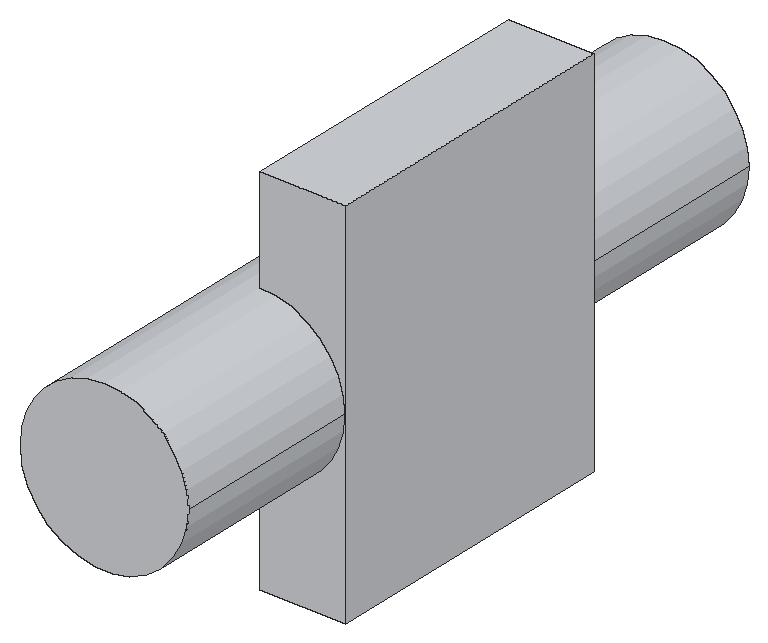
Revit family "RF-3", category Air Terminals, Revit 2018
Family settings
  Round Connector Dimension = Use Diameter
  Part Type = Normal
  OmniClass Number = 23.75.00.00
  OmniClass Title = Climate Control (HVAC)
  Work Plane-Based = No
  Always vertical = Yes
  Cut with Voids When Loaded = No
  Shared = No
  Room Calculation Point = No
Parameters (values of type "SIZE 5")
  Ydim = 0' - 10 7/8"
  Xdim = 0' - 9"
  URL = ""
  Mthick = 0' - 0 1/64"  # constant formula
  Mounting = (Adim / 2) + 0' 0 1/64"  # 0' - 2 29/64"
  Model = ""
  Mflange = (Ydim - Adim) / 2  # 0' - 3"
  Manufacturer = ""
  Ldim = 1' - 8 5/16"
  Description = ""
  Adim = 0' - 4 7/8"
Types (10): name | Ydim | Xdim | URL | Mounting | Model | Mflange | Manufacturer | Ldim | Description | Adim
  (no name) | 0' - 10 7/8" | 0' - 9" | "" | 0' - 2 29/64" | "" | 0' - 3" | "" | 1' - 8 5/16" | "" | 0' - 4 7/8"
  SIZE 5 | 0' - 10 7/8" | 0' - 9" | "" | 0' - 2 29/64" | "" | 0' - 3" | "" | 1' - 8 5/16" | "" | 0' - 4 7/8"
  SIZE 6 | 0' - 10 7/8" | 0' - 9" | "www.anemostat-hvac.com" | 0' - 2 61/64" | "RF-3" | 0' - 2 1/2" | "ANEMOSTAT PRODUCTS" | 1' - 8 5/16" | "Retrofit, Single Duct W/Velocity Wing Sensor" | 0' - 5 7/8"
  SIZE 7 | 0' - 10 7/8" | 0' - 9" | "www.anemostat-hvac.com" | 0' - 3 29/64" | "RF-3" | 0' - 2" | "ANEMOSTAT PRODUCTS" | 1' - 8 5/16" | "Retrofit, Single Duct W/Velocity Wing Sensor" | 0' - 6 7/8"
  SIZE 8 | 0' - 10 7/8" | 0' - 9" | "www.anemostat-hvac.com" | 0' - 3 61/64" | "RF-3" | 0' - 1 1/2" | "ANEMOSTAT PRODUCTS" | 1' - 8 5/16" | "Retrofit, Single Duct W/Velocity Wing Sensor" | 0' - 7 7/8"
  SIZE 9 | 1' - 0 1/8" | 0' - 9" | "www.anemostat-hvac.com" | 0' - 4 29/64" | "RF-3" | 0' - 1 5/8" | "ANEMOSTAT PRODUCTS" | 1' - 8 5/16" | "Retrofit, Single Duct W/Velocity Wing Sensor" | 0' - 8 7/8"
  SIZE 10 | 1' - 0 1/8" | 0' - 9" | "www.anemostat-hvac.com" | 0' - 4 61/64" | "RF-3" | 0' - 1 1/8" | "ANEMOSTAT PRODUCTS" | 1' - 8 5/16" | "Retrofit, Single Duct W/Velocity Wing Sensor" | 0' - 9 7/8"
  SIZE 12 | 1' - 0 1/16" | 0' - 10" | "www.anemostat-hvac.com" | 0' - 5 61/64" | "RF-3" | 0' - 0 3/32" | "ANEMOSTAT PRODUCTS" | 1' - 11 57/64" | "Retrofit, Single Duct W/Velocity Wing Sensor" | 0' - 11 7/8"
  SIZE 14 | 1' - 2 1/16" | 0' - 10" | "www.anemostat-hvac.com" | 0' - 6 61/64" | "RF-3" | 0' - 0 3/32" | "ANEMOSTAT PRODUCTS" | 1' - 11 57/64" | "Retrofit, Single Duct W/Velocity Wing Sensor" | 1' - 1 7/8"
  SIZE 16 | 1' - 4 1/16" | 0' - 10" | "www.anemostat-hvac.com" | 0' - 7 61/64" | "RF-3" | 0' - 0 3/32" | "ANEMOSTAT PRODUCTS" | 1' - 11 57/64" | "Retrofit, Single Duct W/Velocity Wing Sensor" | 1' - 3 7/8"
Reference planes (in)
  plane 1 "Center (Front/Back)": y = 0
  plane 2: z = 0
  plane 3 "Center (Left/Right)": x = 0
  plane 4 "Bside": y = 10.15625
  plane 5 "Rside": x = 2.4375
  plane 6 "Fside": y = -10.15625
  plane 7 "Lside": x = -2.4375
  plane 8 "Mback": y = 4.5
  plane 9 "Mside": x = 2.45313
  plane 10 "Mfront": y = -4.5
Forms (in)
  Extrusion 1, solid
    sketch origin (0, -10.15625, 0) x (1, 0, 0) y (0, 0, -1)
      loop
        circle (0, 0) r 2.4375
    from 0 to 20.3125 <- "Ldim"
  Extrusion 2, solid
    sketch origin (0, -4.5, 0) x (1, 0, 0) y (0, 0, -1)
      loop
        arc (0, 2.45313) -> (2.45313, 0) -> (0, -2.45312) r 2.45313
        line (0, -2.45312) -> (0, -5.45312) -> (2.46875, -5.45312) -> (2.46875, 5.42188) -> (0, 5.42188) -> (0, 2.45313)
    from 0 to 9 <- "Xdim"
Dimensions and locks (in)
  equal spacing: plane 7 "Lside", plane 3 "Center (Left/Right)", plane 5 "Rside"
  equal spacing: plane 4 "Bside", plane 1 "Center (Front/Back)", plane 6 "Fside"
  "Ldim": plane 4 "Bside" to plane 6 "Fside"
  "Adim": plane 7 "Lside" to plane 5 "Rside"
  equal spacing: plane 8 "Mback", plane 1 "Center (Front/Back)", plane 10 "Mfront"
  "Xdim": plane 8 "Mback" to plane 10 "Mfront"
  "Mounting": plane 3 "Center (Left/Right)" to plane 9 "Mside"
  "Ydim": Extrusion 2 sketch curve to Extrusion 2 sketch curve
  "Mthick": plane 9 "Mside" to Extrusion 2 sketch curve
  Extrusion 2 sketch curve to Extrusion 2 sketch curve = 0' - 2 31/32"
  "Mflange": Extrusion 2 sketch curve to Extrusion 2 sketch curve
  "Adim": diameter of Extrusion 1 sketch curve
  "Mounting": radius of Extrusion 2 sketch curve
  aligned and locked: level to plane 2
  aligned and locked: Extrusion 2 sketch curve to plane 3 "Center (Left/Right)"  (x2)
Automatic sketch dimensions
  Extrusion 1 sketch curve to level = 0' - 0"
  Extrusion 1 sketch curve to plane 3 "Center (Left/Right)" = 0' - 0"
  Extrusion 2 sketch curve to level = 0' - 0"
Connectors (in)
  hvac at (0, -10.15625, 0), driven by "Adim"
    settings: on Extrusion 1, index 1, duct flow 0 CFM, flow factor 0, pres drop 0.00 in-wg, loss coef 0, conn angle 0.00°, conn width 12", conn height 12", conn diameter 4 7/8", duct sys type 1, conn prof type 0, flow config 0, flow direction 1, loss method 0, conn ref index -1, conn util no, is conn primary yes, conn desc ""
  hvac at (0, 10.15625, 0), driven by "Adim"
    settings: on Extrusion 1, index 2, duct flow 0 CFM, flow factor 0, pres drop 0.00 in-wg, loss coef 0, conn angle 0.00°, conn width 12", conn height 12", conn diameter 4 7/8", duct sys type 1, conn prof type 0, flow config 0, flow direction 2, loss method 0, conn ref index -1, conn util no, is conn primary no, conn desc ""
